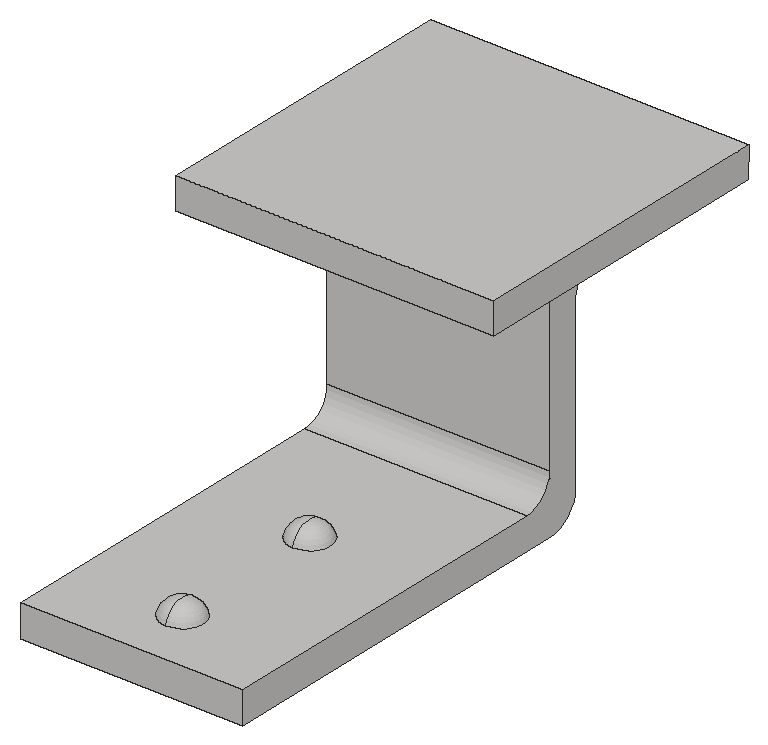
Revit family "Stainless_Steel_Clothes_Hook-B-233", category Plumbing Fixtures, host Face, Revit 2014
Parameters (values of type "B-233")
  Width = 7/8"
  Waste Connection = no
  Warranty Information = "15 Years Warranty"
  WFU = 0
  Vent Connection = no
  URL = "http://bobrick.com/Pages/default.aspx"
  Type Comments = ""
  Product Page URL = "http://bobrick.com/washroomaccessories/Pages/ProductDetails.aspx?Product+Number=B-233"
  Product Documentation Link = "http://bobrick.com/Documents/B-233_td.pdf"
  Price = "Prices may vary. Please consult Manufacturer Representative for most up-to-date price list."  # constant formula
  Model = "B-233"
  Material = "Stainless Steel, Satin Finish"
  Manufacturer = "Bobrick"
  Length = 2 1/4"
  Installation Type = "Wall mounted"
  Height = 1 1/8"
  HWFU = 0
  HW Connection = no
  Description = "11‑gauge (3.2mm), type 304 stainless steel, satin finish. Hook is 1 1⁄4\" x 1 1⁄4\" (30 x 30mm) and projects 1 1⁄8\" (30mm) from wall. Unit is 2 1⁄4\" (55mm) high"
  Default Elevation = 45"
  Creation Date = "02/11/2016"
  CWFU = 0
  CW Connection = no
  Assembly Code = "C1030200"
  ADA Compliant = yes
Reference planes (in)
  plane 1 "Center (Front/Back)": y = 0
  plane 2: z = 0
  plane 3 "Center (Left/Right)": x = 0
  plane 4: z = 1.125
  plane 5: z = 1
  plane 6: z = 0.875
  plane 7: z = 0.125
  plane 8: y = -0.344
  plane 9: y = 0.906
  plane 10: x = 0.4375
  plane 11: x = -0.4375
  plane 12: x = 0.625
  plane 13: x = -0.625
  plane 14: y = -1.094
  plane 15: y = -0.469
Forms (in)
  Extrusion 1, solid, material "Stainless Steel"
    sketch origin (-0.219, -1.344, 0) x (0, 1, 0) y (0, 0, 1)
      loop
        line (0, 0) -> (1.51202, 0)
        arc (1.51202, 0) -> (1.59806, 0.03564) -> (1.6337, 0.12169) r 0.12169
        line (1.6337, 0.12169) -> (1.6337, 0.7894)
        arc (1.6337, 0.7894) -> (1.65877, 0.84993) -> (1.7193, 0.875) r 0.0856
        line (1.7193, 0.875) -> (1.8837, 0.875) -> (1.8837, 1) -> (1.5945, 1)
        arc (1.5945, 1) -> (1.53383, 0.97487) -> (1.5087, 0.9142) r 0.0858
        line (1.5087, 0.9142) -> (1.5087, 0.23414)
        arc (1.5087, 0.23414) -> (1.47674, 0.15697) -> (1.39956, 0.125) r 0.10914
        line (1.39956, 0.125) -> (0, 0.125) -> (0, 0)
    from -0.2185 to 0.6565
  Extrusion 2, solid, material "Stainless Steel"
    sketch origin (-0.219, -1.344, 0) x (0, 1, 0) y (0, 0, 1)
      loop
        line (1, 1.125) -> (1, 1) -> (2.25, 1) -> (2.25, 1.125) -> (1, 1.125)
    from -0.406 to 0.844
  Revolve 3, solid, material "Stainless Steel"
    sketch origin (0, -0.84192, 0) x (0, 1, 0) y (0, 0, 1)
      loop
        arc (-0.25208, 0.18703) -> (-0.30471, 0.17124) -> (-0.3344, 0.125) r 0.07922
        line (-0.3344, 0.125) -> (-0.25208, 0.125) -> (-0.25208, 0.18703)
      axis (-0.25208, 0.18703) -> (-0.25208, 0.125)
    angle from 0 to 360
  Revolve 4, solid, material "Stainless Steel"
    sketch origin (0, -0.21692, 0) x (0, 1, 0) y (0, 0, 1)
      loop
        arc (-0.25208, 0.18703) -> (-0.30471, 0.17124) -> (-0.3344, 0.125) r 0.07922
        line (-0.3344, 0.125) -> (-0.25208, 0.125) -> (-0.25208, 0.18703)
      axis (-0.25208, 0.18703) -> (-0.25208, 0.125)
    angle from 0 to 360
Dimensions and locks (in)
  aligned and locked: plane 2 to host face
  aligned and locked: level to host face
